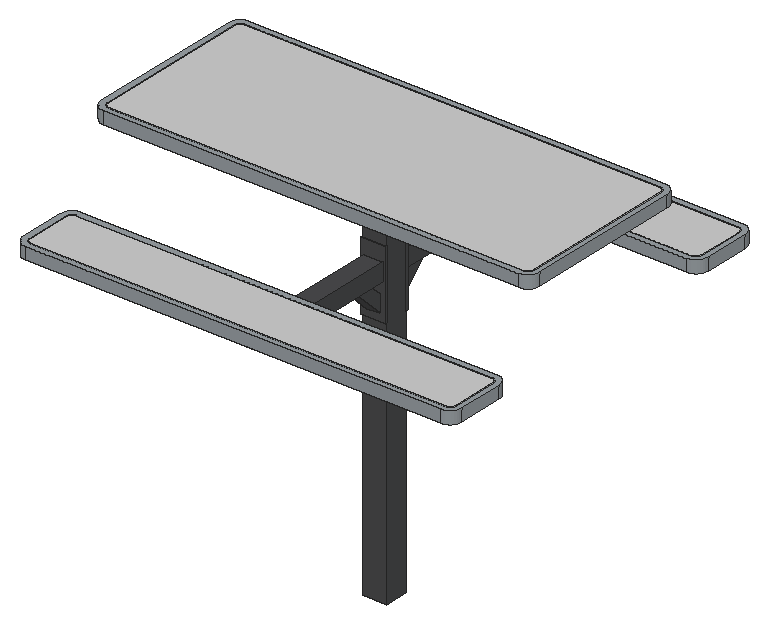
Revit family "OF-T16P-Perf", category Furniture, Revit 2020
Family settings
  Work Plane-Based = No
  Always vertical = Yes
  Cut with Voids When Loaded = No
  Shared = No
  Room Calculation Point = No
Parameters
  Table Top [instance] = pH OF Seat Panel Perforated
  Table Frame [instance] = Getzen Gray Solid
  Surface Mount = no
  Seat Top [instance] = pH OF Seat Panel Perforated
  Seat Frame [instance] = Getzen Gray Solid
  Mount = no
  Model = "OF-T16P-PERF"
  In Ground = no
  HS Seat Count = 6
  Frame [instance] = Getzen Black Solid
  ES Seat Count = 8
  Default Elevation = 0' - 0"
Reference planes (in)
  plane 1 "Center (Front/Back)": y = 0
  plane 2: z = 0
  plane 3 "Center (Left/Right)": x = 0
  plane 4 "Leg Left": x = -23.0625
  plane 5 "Leg Right": x = 23.0625
  plane 6 "Bench End Left": x = -36
  plane 7 "Bench End Right": x = 36
  plane 8 "Bench": z = 16.75
  plane 9 "Top": z = 29.675
Forms (in)
  Extrusion 1, solid, material "Getzen Black Solid" <- "Frame"
    sketch origin (13.875, 0, 0) x (1, 0, 0) y (0, 0, 1)
      loop
        line (-24.25, 14.5) -> (-21.875, 14.5) -> (-21.875, 16.5) -> (-22.125, 16.5) -> (-22.125, 14.75) -> (-24.25, 14.75) -> (-24.25, 14.5)
    from 20.5 to 30
  Extrusion 2, solid, material "Getzen Black Solid" <- "Frame"
    sketch origin (0, 0, 0) x (1, 0, 0) y (0, 0, 1)
      loop
        line (-24.25, 27.425) -> (-21.875, 27.425) -> (-21.875, 29.425) -> (-22.125, 29.425) -> (-22.125, 27.675) -> (-24.25, 27.675) -> (-24.25, 27.425)
    from -14 to 14
  Extrusion 3, solid, material "Getzen Black Solid" <- "Frame"
    sketch origin (-13.875, 0, 0) x (-1, 0, 0) y (0, 0, -1)
      loop
        line (-24.25, -14.5) -> (-24.25, -14.75) -> (-22.125, -14.75) -> (-22.125, -16.5) -> (-21.875, -16.5) -> (-21.875, -14.5) -> (-24.25, -14.5)
    from 20.5 to 30
  Extrusion 4, solid, material "Getzen Black Solid" <- "Frame"
    sketch origin (0, 0, 0) x (-1, 0, 0) y (0, 0, -1)
      loop
        line (-24.25, -27.425) -> (-24.25, -27.675) -> (-22.125, -27.675) -> (-22.125, -29.425) -> (-21.875, -29.425) -> (-21.875, -27.425) -> (-24.25, -27.425)
    from -14 to 14
  Extrusion 5, solid, material "Getzen Gray Solid" <- "Seat Frame"
    sketch origin (0, 0, 0) x (1, 0, 0) y (0, 1, 0)
      loop
        arc (-34, -19.5) -> (-35.41421, -20.08579) -> (-36, -21.5) r 2
        line (-36, -21.5) -> (-36, -29)
        arc (-36, -29) -> (-35.41421, -30.41421) -> (-34, -31) r 2
        line (-34, -31) -> (34, -31)
        arc (34, -31) -> (35.41421, -30.41421) -> (36, -29) r 2
        line (36, -29) -> (36, -21.5)
        arc (36, -21.5) -> (35.41421, -20.08579) -> (34, -19.5) r 2
        line (34, -19.5) -> (-34, -19.5)
      loop
        line (-35, -21.5) -> (-35, -29)
        arc (-35, -29) -> (-34.70711, -29.70711) -> (-34, -30) r 1
        line (-34, -30) -> (34, -30)
        arc (34, -30) -> (34.70711, -29.70711) -> (35, -29) r 1
        line (35, -29) -> (35, -21.5)
        arc (35, -21.5) -> (34.70711, -20.79289) -> (34, -20.5) r 1
        line (34, -20.5) -> (-34, -20.5)
        arc (-34, -20.5) -> (-34.70711, -20.79289) -> (-35, -21.5) r 1
    from 14.75 to 16.75
  Extrusion 6, solid, material "pH OF Seat Panel Perforated" <- "Seat Top"
    sketch origin (0, 0, 0) x (1, 0, 0) y (0, 1, 0)
      loop
        arc (-34, -20.5) -> (-34.70711, -20.79289) -> (-35, -21.5) r 1
        line (-35, -21.5) -> (-35, -29)
        arc (-35, -29) -> (-34.70711, -29.70711) -> (-34, -30) r 1
        line (-34, -30) -> (34, -30)
        arc (34, -30) -> (34.70711, -29.70711) -> (35, -29) r 1
        line (35, -29) -> (35, -21.5)
        arc (35, -21.5) -> (34.70711, -20.79289) -> (34, -20.5) r 1
        line (34, -20.5) -> (-34, -20.5)
    from 16.625 to 16.75
  Extrusion 7, solid, material "Getzen Gray Solid" <- "Table Frame"
    sketch origin (0, 0, 0) x (1, 0, 0) y (0, 1, 0)
      loop
        line (34, 14) -> (-34, 14)
        arc (-34, 14) -> (-34.70711, 13.70711) -> (-35, 13) r 1
        line (-35, 13) -> (-35, -13)
        arc (-35, -13) -> (-34.70711, -13.70711) -> (-34, -14) r 1
        line (-34, -14) -> (34, -14)
        arc (34, -14) -> (34.70711, -13.70711) -> (35, -13) r 1
        line (35, -13) -> (35, 13)
        arc (35, 13) -> (34.70711, 13.70711) -> (34, 14) r 1
      loop
        line (34, 15) -> (-34, 15)
        arc (-34, 15) -> (-35.41421, 14.41421) -> (-36, 13) r 2
        line (-36, 13) -> (-36, -13)
        arc (-36, -13) -> (-35.41421, -14.41421) -> (-34, -15) r 2
        line (-34, -15) -> (34, -15)
        arc (34, -15) -> (35.41421, -14.41421) -> (36, -13) r 2
        line (36, -13) -> (36, 13)
        arc (36, 13) -> (35.41421, 14.41421) -> (34, 15) r 2
    from 27.67578 to 29.67578
  Extrusion 8, solid, material "Getzen Gray Solid" <- "Seat Frame"
    sketch origin (0, 0, 0) x (1, 0, 0) y (0, 1, 0)
      loop
        line (-34, 19.5) -> (34, 19.5)
        arc (34, 19.5) -> (35.41421, 20.08579) -> (36, 21.5) r 2
        line (36, 21.5) -> (36, 29)
        arc (36, 29) -> (35.41421, 30.41421) -> (34, 31) r 2
        line (34, 31) -> (-34, 31)
        arc (-34, 31) -> (-35.41421, 30.41421) -> (-36, 29) r 2
        line (-36, 29) -> (-36, 21.5)
        arc (-36, 21.5) -> (-35.41421, 20.08579) -> (-34, 19.5) r 2
      loop
        arc (-35, 21.5) -> (-34.70711, 20.79289) -> (-34, 20.5) r 1
        line (-34, 20.5) -> (34, 20.5)
        arc (34, 20.5) -> (34.70711, 20.79289) -> (35, 21.5) r 1
        line (35, 21.5) -> (35, 29)
        arc (35, 29) -> (34.70711, 29.70711) -> (34, 30) r 1
        line (34, 30) -> (-34, 30)
        arc (-34, 30) -> (-34.70711, 29.70711) -> (-35, 29) r 1
        line (-35, 29) -> (-35, 21.5)
    from 14.75 to 16.75
  Extrusion 9, solid, material "pH OF Seat Panel Perforated" <- "Seat Top"
    sketch origin (0, 0, 0) x (1, 0, 0) y (0, 1, 0)
      loop
        arc (-34, 30) -> (-34.70711, 29.70711) -> (-35, 29) r 1
        line (-35, 29) -> (-35, 21.5)
        arc (-35, 21.5) -> (-34.70711, 20.79289) -> (-34, 20.5) r 1
        line (-34, 20.5) -> (34, 20.5)
        arc (34, 20.5) -> (34.70711, 20.79289) -> (35, 21.5) r 1
        line (35, 21.5) -> (35, 29)
        arc (35, 29) -> (34.70711, 29.70711) -> (34, 30) r 1
        line (34, 30) -> (-34, 30)
    from 16.625 to 16.75
  Extrusion 10, solid, material "pH OF Seat Panel Perforated" <- "Table Top"
    sketch origin (0, 0, 0) x (1, 0, 0) y (0, 1, 0)
      loop
        arc (-34, 14) -> (-34.70711, 13.70711) -> (-35, 13) r 1
        line (-35, 13) -> (-35, -13)
        arc (-35, -13) -> (-34.70711, -13.70711) -> (-34, -14) r 1
        line (-34, -14) -> (34, -14)
        arc (34, -14) -> (34.70711, -13.70711) -> (35, -13) r 1
        line (35, -13) -> (35, 13)
        arc (35, 13) -> (34.70711, 13.70711) -> (34, 14) r 1
        line (34, 14) -> (-34, 14)
    from 29.55078 to 29.67578
  Extrusion 11, solid, material "Getzen Gray Solid" <- "Seat Frame", not visible
    sketch origin (0, 0, 0) x (1, 0, 0) y (0, 0, 1)
      loop
        line (-22.125, 29.425) -> (-22.375, 29.425) -> (-22.375, 27.67578) -> (-22.125, 27.67578) -> (-22.125, 29.425)
      loop
        line (-0.125, 29.425) -> (-0.125, 27.67578) -> (0.125, 27.67578) -> (0.125, 29.425) -> (-0.125, 29.425)
      loop
        line (22.125, 29.425) -> (22.125, 27.67578) -> (22.375, 27.67578) -> (22.375, 29.425) -> (22.125, 29.425)
    from -14 to 14
  Extrusion 12, solid, material "Getzen Black Solid" <- "Frame"
    sketch origin (0, 0, 0) x (1, 0, 0) y (0, 1, 0)
      loop
        line (-2, 2) -> (-2, -2) -> (2, -2) -> (2, 2) -> (-2, 2)
    from -36 to 29.375
  Extrusion 13, solid, material "Getzen Black Solid" <- "Frame"
    sketch origin (0, 0, 1.5) x (0, -1, 0) y (0, 0, 1)
      loop
        line (-7, 9.875) -> (-2.25, 5.125) -> (-2.25, 7.95343) -> (-4.17157, 9.875) -> (-7, 9.875)
    from -1 to 1
  Extrusion 14, solid, material "Getzen Black Solid" <- "Frame"
    sketch origin (0, 0, 1.75) x (0, -1, 0) y (0, 0, 1)
      loop
        line (-2.25, 15) -> (-2.25, 3.69459) -> (-2, 3.69459) -> (-2, 15) -> (-2.25, 15)
    from -2 to 2
  Extrusion 15, solid, material "Getzen Black Solid" <- "Frame"
    sketch origin (0, 0, 1.5) x (0, 1, 0) y (0, 0, -1)
      loop
        line (-2.25, -9.875) -> (-26.25, -9.875) -> (-26.25, -12.875) -> (-2.25, -12.875) -> (-2.25, -9.875)
    from -1.5 to 1.5
  Extrusion 16, solid, material "Getzen Black Solid" <- "Frame"
    sketch origin (0, 0, 1.5) x (0, 1, 0) y (0, 0, -1)
      loop
        line (-7, -9.875) -> (-4.17157, -9.875) -> (-2.25, -7.95343) -> (-2.25, -5.125) -> (-7, -9.875)
    from -1 to 1
  Extrusion 17, solid, material "Getzen Black Solid" <- "Frame"
    sketch origin (0, 0, 1.75) x (0, 1, 0) y (0, 0, -1)
      loop
        line (-2.25, -15) -> (-2, -15) -> (-2, -3.69459) -> (-2.25, -3.69459) -> (-2.25, -15)
    from -2 to 2
  Extrusion 18, solid, material "Getzen Black Solid" <- "Frame"
    sketch origin (0, 9.875, 3.5) x (0, 1, 0) y (0, 0, -1)
      loop
        line (-34.125, -12.875) -> (-34.125, -10.875) -> (-36.125, -10.875) -> (-36.125, -12.875) -> (-34.125, -12.875)
    from -8 to 8
  Extrusion 19, solid, material "Getzen Black Solid" <- "Frame"
    sketch origin (13.875, 0, 0) x (1, 0, 0) y (0, 0, -1)
      loop
        line (-24.25, -14.5) -> (-24.25, -14.75) -> (-22.125, -14.75) -> (-22.125, -16.5) -> (-21.875, -16.5) -> (-21.875, -14.5) -> (-24.25, -14.5)
    from 20.5 to 30
  Extrusion 20, solid, material "Getzen Black Solid" <- "Frame"
    sketch origin (-13.875, 0, 0) x (-1, 0, 0) y (0, 0, 1)
      loop
        line (-24.25, 14.5) -> (-21.875, 14.5) -> (-21.875, 16.5) -> (-22.125, 16.5) -> (-22.125, 14.75) -> (-24.25, 14.75) -> (-24.25, 14.5)
    from 20.5 to 30
  Extrusion 21, solid, material "Getzen Black Solid" <- "Frame"
    sketch origin (0, 0, 1.5) x (0, -1, 0) y (0, 0, 1)
      loop
        line (-2.25, 9.875) -> (-2.25, 12.875) -> (-26.25, 12.875) -> (-26.25, 9.875) -> (-2.25, 9.875)
    from -1.5 to 1.5
  Extrusion 22, solid, material "Getzen Black Solid" <- "Frame"
    sketch origin (0, -9.875, 3.5) x (0, -1, 0) y (0, 0, 1)
      loop
        line (-34.125, 12.875) -> (-36.125, 12.875) -> (-36.125, 10.875) -> (-34.125, 10.875) -> (-34.125, 12.875)
    from -8 to 8
  Extrusion 23, solid, material "Getzen Black Solid" <- "Frame"
    sketch origin (-23.0625, 0, 0) x (0, 1, 0) y (0, 0, 1)
      loop
        line (1, 29.375) -> (-1, 29.375) -> (-1, 27.425) -> (1, 27.425) -> (1, 29.375)
    from 25.0625 to 44.9375
  Extrusion 24, solid, material "Getzen Black Solid" <- "Frame"
    sketch origin (0, 0, 0) x (1, 0, 0) y (0, 0, 1)
      loop
        line (5, 27.425) -> (2, 24.425) -> (2, 21.59657) -> (7.82843, 27.425) -> (5, 27.425)
    from -1 to 1
  Extrusion 25, solid, material "Getzen Black Solid" <- "Frame"
    sketch origin (23.0625, 0, 0) x (0, 1, 0) y (0, 0, -1)
      loop
        line (1, -29.375) -> (1, -27.425) -> (-1, -27.425) -> (-1, -29.375) -> (1, -29.375)
    from 25.0625 to 44.9375
  Extrusion 26, solid, material "Getzen Black Solid" <- "Frame"
    sketch origin (0, 0, 0) x (-1, 0, 0) y (0, 0, -1)
      loop
        line (5, -27.425) -> (7.82843, -27.425) -> (2, -21.59657) -> (2, -24.425) -> (5, -27.425)
    from -1 to 1
Dimensions and locks (in)
  locked: Extrusion 8 sketch curve to Extrusion 8 sketch curve at 1  (x2)
  equal spacing: Extrusion 7 sketch curve, plane 3 "Center (Left/Right)", Extrusion 7 sketch curve
  Extrusion 7 sketch curve to Extrusion 7 sketch curve = 6' - 0"
  locked: Extrusion 7 sketch curve to Extrusion 7 sketch curve at 1  (x4)
  equal spacing: Extrusion 7 sketch curve, plane 1 "Center (Front/Back)", Extrusion 7 sketch curve
  locked: Extrusion 7 sketch curve to Extrusion 7 sketch curve at 30
  radius of Extrusion 7 sketch curve = 0' - 2"  (x4)
  aligned and locked: plane 2 to level
  aligned and locked: Extrusion 6 sketch curve to Extrusion 5
  aligned and locked: Extrusion 12 to Extrusion 23 sketch curve
  aligned and locked: Extrusion 2 to Extrusion 23 sketch curve
